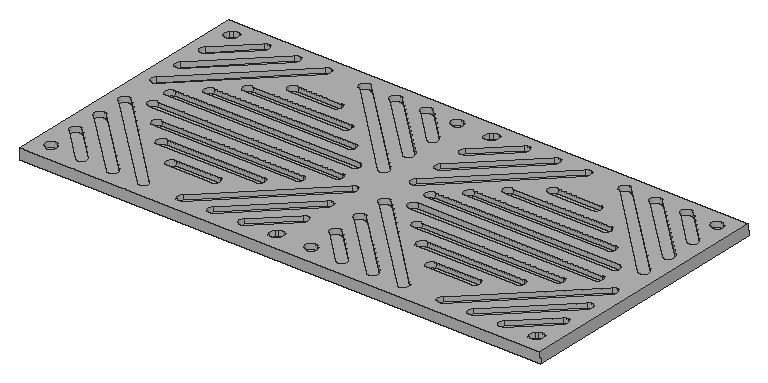
Revit family "dBA - 1 inch - Ceiling and Wall Panels 24x48", category Specialty Equipment, Revit 2023
Family settings
  Round Connector Dimension = Use Diameter
  Part Type = Normal
  OmniClass Number = 23.35.00.00
  OmniClass Title = Covering, Cladding, and Finishes
  Work Plane-Based = Yes
  Enable Cutting in Views = Yes
  Always vertical = No
  Cut with Voids When Loaded = No
  Maintain Annotation Orientation = No
  Shared = No
  Room Calculation Point = No
Parameters (values of type "Charcoal")
  URL = "https://www.acousticalsurfaces.com/sound-silencer/dba-ceiling-wall-panel/"
  Type Comments = "dBA Ceiling and Wall Panels"
  Recycled Content Percentage = "0%"
  Model = "Sound Silencer - dBA Ceiling and Wall Panels"
  Material = "Sound Silencer dBA"
  Manufacturer = "Acoustical Surfaces, Inc."
  Fire Rating = "ASTM E84 - Class A"
  Finish = Paint - Acoustical-Surfaces - dBA - Charcoal
  Description = "dBA Ceiling and Wall Panels"
  Default Elevation = 4' - 0"
  Assembly Code = "C30"
  Acoustics - NRC = "Sound absorption varies from NRC 0.45 to 0.95 based on installation method used when tested per ASTM C423."
Types (2): name | Finish
  Charcoal | Paint - Acoustical-Surfaces - dBA - Charcoal
  White | Paint - Acoustical-Surfaces - dBA - White
Reference planes (in)
  plane 1 "Center (Front/Back)": y = 0
  plane 2: z = 0
  plane 3 "Center (Left/Right)": x = 0
  plane 4: x = -24
  plane 5: x = 24
  plane 6: y = 12
  plane 7: y = -12
  plane 8: z = 1
Forms (in)
  Extrusion 1, solid, material "Paint - Acoustical-Surfaces - dBA - Charcoal" <- "Finish"
    sketch origin (-12, 0, 0) x (1, 0, 0) y (0, 1, 0)
      loop
        line (12, 12) -> (-12, 12) -> (-12, -12) -> (12, -12) -> (12, 12)
    from 0 to 0.5625
  Extrusion 2, solid, material "Paint - Acoustical-Surfaces - dBA - Charcoal" <- "Finish"
    sketch origin (-12, 0, 0.5625) x (1, 0, 0) y (0, 1, 0)
      loop
        line (12, 12) -> (-12, 12) -> (-12, -12) -> (12, -12) -> (12, 12)
      loop
        arc (-10.14645, -9.96967) -> (-10.85355, -9.96967) -> (-10.85355, -10.67678) r 0.5
        line (-10.85355, -10.67678) -> (-10.67678, -10.85355)
        arc (-10.67678, -10.85355) -> (-9.96967, -10.85355) -> (-9.96967, -10.14645) r 0.5
        line (-9.96967, -10.14645) -> (-10.14645, -9.96967)
      loop
        arc (-7.84835, -10.85355) -> (-7.14124, -10.85355) -> (-7.14124, -10.14645) r 0.5
        line (-7.14124, -10.14645) -> (-10.14645, -7.14124)
        arc (-10.14645, -7.14124) -> (-10.85355, -7.14124) -> (-10.85355, -7.84835) r 0.5
        line (-10.85355, -7.84835) -> (-7.84835, -10.85355)
      loop
        arc (-5.01992, -10.85355) -> (-4.31282, -10.85355) -> (-4.31282, -10.14645) r 0.5
        line (-4.31282, -10.14645) -> (-10.14645, -4.31282)
        arc (-10.14645, -4.31282) -> (-10.85355, -4.31282) -> (-10.85355, -5.01992) r 0.5
        line (-10.85355, -5.01992) -> (-5.01992, -10.85355)
      loop
        arc (-2.1915, -10.85355) -> (-1.48439, -10.85355) -> (-1.48439, -10.14645) r 0.5
        line (-1.48439, -10.14645) -> (-10.14645, -1.48439)
        arc (-10.14645, -1.48439) -> (-10.85355, -1.48439) -> (-10.85355, -2.1915) r 0.5
        line (-10.85355, -2.1915) -> (-2.1915, -10.85355)
      loop
        arc (2, -7.5) -> (2.5, -7) -> (2, -6.5) r 0.5
        line (2, -6.5) -> (-2, -6.5)
        arc (-2, -6.5) -> (-2.5, -7) -> (-2, -7.5) r 0.5
        line (-2, -7.5) -> (2, -7.5)
      loop
        arc (4.5, -5.5) -> (5, -5) -> (4.5, -4.5) r 0.5
        line (4.5, -4.5) -> (-4.5, -4.5)
        arc (-4.5, -4.5) -> (-5, -5) -> (-4.5, -5.5) r 0.5
        line (-4.5, -5.5) -> (4.5, -5.5)
      loop
        arc (6.5, -3.5) -> (7, -3) -> (6.5, -2.5) r 0.5
        line (6.5, -2.5) -> (-6.5, -2.5)
        arc (-6.5, -2.5) -> (-7, -3) -> (-6.5, -3.5) r 0.5
        line (-6.5, -3.5) -> (6.5, -3.5)
      loop
        arc (8.5, -1.5) -> (9, -1) -> (8.5, -0.5) r 0.5
        line (8.5, -0.5) -> (-8.5, -0.5)
        arc (-8.5, -0.5) -> (-9, -1) -> (-8.5, -1.5) r 0.5
        line (-8.5, -1.5) -> (8.5, -1.5)
      loop
        arc (8.5, 0.5) -> (9, 1) -> (8.5, 1.5) r 0.5
        line (8.5, 1.5) -> (-8.5, 1.5)
        arc (-8.5, 1.5) -> (-9, 1) -> (-8.5, 0.5) r 0.5
        line (-8.5, 0.5) -> (8.5, 0.5)
      loop
        arc (6.5, 2.5) -> (7, 3) -> (6.5, 3.5) r 0.5
        line (6.5, 3.5) -> (-6.5, 3.5)
        arc (-6.5, 3.5) -> (-7, 3) -> (-6.5, 2.5) r 0.5
        line (-6.5, 2.5) -> (6.5, 2.5)
      loop
        arc (4.5, 4.5) -> (5, 5) -> (4.5, 5.5) r 0.5
        line (4.5, 5.5) -> (-4.5, 5.5)
        arc (-4.5, 5.5) -> (-5, 5) -> (-4.5, 4.5) r 0.5
        line (-4.5, 4.5) -> (4.5, 4.5)
      loop
        line (-2, 6.5) -> (2, 6.5)
        arc (2, 6.5) -> (2.5, 7) -> (2, 7.5) r 0.5
        line (2, 7.5) -> (-2, 7.5)
        arc (-2, 7.5) -> (-2.5, 7) -> (-2, 6.5) r 0.5
      loop
        arc (-1.48439, 10.14645) -> (-1.48439, 10.85355) -> (-2.1915, 10.85355) r 0.5
        line (-2.1915, 10.85355) -> (-10.85355, 2.1915)
        arc (-10.85355, 2.1915) -> (-10.85355, 1.48439) -> (-10.14645, 1.48439) r 0.5
        line (-10.14645, 1.48439) -> (-1.48439, 10.14645)
      loop
        arc (-4.31282, 10.14645) -> (-4.31282, 10.85355) -> (-5.01992, 10.85355) r 0.5
        line (-5.01992, 10.85355) -> (-10.85355, 5.01992)
        arc (-10.85355, 5.01992) -> (-10.85355, 4.31282) -> (-10.14645, 4.31282) r 0.5
        line (-10.14645, 4.31282) -> (-4.31282, 10.14645)
      loop
        arc (-7.14124, 10.14645) -> (-7.14124, 10.85355) -> (-7.84835, 10.85355) r 0.5
        line (-7.84835, 10.85355) -> (-10.85355, 7.84835)
        arc (-10.85355, 7.84835) -> (-10.85355, 7.14124) -> (-10.14645, 7.14124) r 0.5
        line (-10.14645, 7.14124) -> (-7.14124, 10.14645)
      loop
        line (-10.14645, 9.96967) -> (-9.96967, 10.14645)
        arc (-9.96967, 10.14645) -> (-9.96967, 10.85355) -> (-10.67678, 10.85355) r 0.5
        line (-10.67678, 10.85355) -> (-10.85355, 10.67678)
        arc (-10.85355, 10.67678) -> (-10.85355, 9.96967) -> (-10.14645, 9.96967) r 0.5
      loop
        arc (10.14645, 1.48439) -> (10.85355, 1.48439) -> (10.85355, 2.1915) r 0.5
        line (10.85355, 2.1915) -> (2.1915, 10.85355)
        arc (2.1915, 10.85355) -> (1.48439, 10.85355) -> (1.48439, 10.14645) r 0.5
        line (1.48439, 10.14645) -> (10.14645, 1.48439)
      loop
        arc (10.14645, 4.31282) -> (10.85355, 4.31282) -> (10.85355, 5.01992) r 0.5
        line (10.85355, 5.01992) -> (5.01992, 10.85355)
        arc (5.01992, 10.85355) -> (4.31282, 10.85355) -> (4.31282, 10.14645) r 0.5
        line (4.31282, 10.14645) -> (10.14645, 4.31282)
      loop
        arc (10.14645, 7.14124) -> (10.85355, 7.14124) -> (10.85355, 7.84835) r 0.5
        line (10.85355, 7.84835) -> (7.84835, 10.85355)
        arc (7.84835, 10.85355) -> (7.14124, 10.85355) -> (7.14124, 10.14645) r 0.5
        line (7.14124, 10.14645) -> (10.14645, 7.14124)
      loop
        arc (10.14645, 9.96967) -> (10.85355, 9.96967) -> (10.85355, 10.67678) r 0.5
        line (10.85355, 10.67678) -> (10.67678, 10.85355)
        arc (10.67678, 10.85355) -> (9.96967, 10.85355) -> (9.96967, 10.14645) r 0.5
        line (9.96967, 10.14645) -> (10.14645, 9.96967)
      loop
        arc (1.48439, -10.14645) -> (1.48439, -10.85355) -> (2.1915, -10.85355) r 0.5
        line (2.1915, -10.85355) -> (10.85355, -2.1915)
        arc (10.85355, -2.1915) -> (10.85355, -1.48439) -> (10.14645, -1.48439) r 0.5
        line (10.14645, -1.48439) -> (1.48439, -10.14645)
      loop
        arc (4.31282, -10.14645) -> (4.31282, -10.85355) -> (5.01992, -10.85355) r 0.5
        line (5.01992, -10.85355) -> (10.85355, -5.01992)
        arc (10.85355, -5.01992) -> (10.85355, -4.31282) -> (10.14645, -4.31282) r 0.5
        line (10.14645, -4.31282) -> (4.31282, -10.14645)
      loop
        arc (7.14124, -10.14645) -> (7.14124, -10.85355) -> (7.84835, -10.85355) r 0.5
        line (7.84835, -10.85355) -> (10.85355, -7.84835)
        arc (10.85355, -7.84835) -> (10.85355, -7.14124) -> (10.14645, -7.14124) r 0.5
        line (10.14645, -7.14124) -> (7.14124, -10.14645)
      loop
        arc (9.96967, -10.14645) -> (9.96967, -10.85355) -> (10.67678, -10.85355) r 0.5
        line (10.67678, -10.85355) -> (10.85355, -10.67678)
        arc (10.85355, -10.67678) -> (10.85355, -9.96967) -> (10.14645, -9.96967) r 0.5
        line (10.14645, -9.96967) -> (9.96967, -10.14645)
    from 0 to 0.4375
  Extrusion 3, solid, material "Paint - Acoustical-Surfaces - dBA - Charcoal" <- "Finish"
    sketch origin (12, 0, 0) x (1, 0, 0) y (0, 1, 0)
      loop
        line (12, 12) -> (-12, 12) -> (-12, -12) -> (12, -12) -> (12, 12)
    from 0 to 0.5625
  Extrusion 4, solid, material "Paint - Acoustical-Surfaces - dBA - Charcoal" <- "Finish"
    sketch origin (12, 0, 0.5625) x (1, 0, 0) y (0, 1, 0)
      loop
        line (12, 12) -> (-12, 12) -> (-12, -12) -> (12, -12) -> (12, 12)
      loop
        arc (-10.14645, -9.96967) -> (-10.85355, -9.96967) -> (-10.85355, -10.67678) r 0.5
        line (-10.85355, -10.67678) -> (-10.67678, -10.85355)
        arc (-10.67678, -10.85355) -> (-9.96967, -10.85355) -> (-9.96967, -10.14645) r 0.5
        line (-9.96967, -10.14645) -> (-10.14645, -9.96967)
      loop
        arc (-7.84835, -10.85355) -> (-7.14124, -10.85355) -> (-7.14124, -10.14645) r 0.5
        line (-7.14124, -10.14645) -> (-10.14645, -7.14124)
        arc (-10.14645, -7.14124) -> (-10.85355, -7.14124) -> (-10.85355, -7.84835) r 0.5
        line (-10.85355, -7.84835) -> (-7.84835, -10.85355)
      loop
        arc (-5.01992, -10.85355) -> (-4.31282, -10.85355) -> (-4.31282, -10.14645) r 0.5
        line (-4.31282, -10.14645) -> (-10.14645, -4.31282)
        arc (-10.14645, -4.31282) -> (-10.85355, -4.31282) -> (-10.85355, -5.01992) r 0.5
        line (-10.85355, -5.01992) -> (-5.01992, -10.85355)
      loop
        arc (-2.1915, -10.85355) -> (-1.48439, -10.85355) -> (-1.48439, -10.14645) r 0.5
        line (-1.48439, -10.14645) -> (-10.14645, -1.48439)
        arc (-10.14645, -1.48439) -> (-10.85355, -1.48439) -> (-10.85355, -2.1915) r 0.5
        line (-10.85355, -2.1915) -> (-2.1915, -10.85355)
      loop
        arc (2, -7.5) -> (2.5, -7) -> (2, -6.5) r 0.5
        line (2, -6.5) -> (-2, -6.5)
        arc (-2, -6.5) -> (-2.5, -7) -> (-2, -7.5) r 0.5
        line (-2, -7.5) -> (2, -7.5)
      loop
        arc (4.5, -5.5) -> (5, -5) -> (4.5, -4.5) r 0.5
        line (4.5, -4.5) -> (-4.5, -4.5)
        arc (-4.5, -4.5) -> (-5, -5) -> (-4.5, -5.5) r 0.5
        line (-4.5, -5.5) -> (4.5, -5.5)
      loop
        arc (6.5, -3.5) -> (7, -3) -> (6.5, -2.5) r 0.5
        line (6.5, -2.5) -> (-6.5, -2.5)
        arc (-6.5, -2.5) -> (-7, -3) -> (-6.5, -3.5) r 0.5
        line (-6.5, -3.5) -> (6.5, -3.5)
      loop
        arc (8.5, -1.5) -> (9, -1) -> (8.5, -0.5) r 0.5
        line (8.5, -0.5) -> (-8.5, -0.5)
        arc (-8.5, -0.5) -> (-9, -1) -> (-8.5, -1.5) r 0.5
        line (-8.5, -1.5) -> (8.5, -1.5)
      loop
        arc (8.5, 0.5) -> (9, 1) -> (8.5, 1.5) r 0.5
        line (8.5, 1.5) -> (-8.5, 1.5)
        arc (-8.5, 1.5) -> (-9, 1) -> (-8.5, 0.5) r 0.5
        line (-8.5, 0.5) -> (8.5, 0.5)
      loop
        arc (6.5, 2.5) -> (7, 3) -> (6.5, 3.5) r 0.5
        line (6.5, 3.5) -> (-6.5, 3.5)
        arc (-6.5, 3.5) -> (-7, 3) -> (-6.5, 2.5) r 0.5
        line (-6.5, 2.5) -> (6.5, 2.5)
      loop
        arc (4.5, 4.5) -> (5, 5) -> (4.5, 5.5) r 0.5
        line (4.5, 5.5) -> (-4.5, 5.5)
        arc (-4.5, 5.5) -> (-5, 5) -> (-4.5, 4.5) r 0.5
        line (-4.5, 4.5) -> (4.5, 4.5)
      loop
        line (-2, 6.5) -> (2, 6.5)
        arc (2, 6.5) -> (2.5, 7) -> (2, 7.5) r 0.5
        line (2, 7.5) -> (-2, 7.5)
        arc (-2, 7.5) -> (-2.5, 7) -> (-2, 6.5) r 0.5
      loop
        arc (-1.48439, 10.14645) -> (-1.48439, 10.85355) -> (-2.1915, 10.85355) r 0.5
        line (-2.1915, 10.85355) -> (-10.85355, 2.1915)
        arc (-10.85355, 2.1915) -> (-10.85355, 1.48439) -> (-10.14645, 1.48439) r 0.5
        line (-10.14645, 1.48439) -> (-1.48439, 10.14645)
      loop
        arc (-4.31282, 10.14645) -> (-4.31282, 10.85355) -> (-5.01992, 10.85355) r 0.5
        line (-5.01992, 10.85355) -> (-10.85355, 5.01992)
        arc (-10.85355, 5.01992) -> (-10.85355, 4.31282) -> (-10.14645, 4.31282) r 0.5
        line (-10.14645, 4.31282) -> (-4.31282, 10.14645)
      loop
        arc (-7.14124, 10.14645) -> (-7.14124, 10.85355) -> (-7.84835, 10.85355) r 0.5
        line (-7.84835, 10.85355) -> (-10.85355, 7.84835)
        arc (-10.85355, 7.84835) -> (-10.85355, 7.14124) -> (-10.14645, 7.14124) r 0.5
        line (-10.14645, 7.14124) -> (-7.14124, 10.14645)
      loop
        line (-10.14645, 9.96967) -> (-9.96967, 10.14645)
        arc (-9.96967, 10.14645) -> (-9.96967, 10.85355) -> (-10.67678, 10.85355) r 0.5
        line (-10.67678, 10.85355) -> (-10.85355, 10.67678)
        arc (-10.85355, 10.67678) -> (-10.85355, 9.96967) -> (-10.14645, 9.96967) r 0.5
      loop
        arc (10.14645, 1.48439) -> (10.85355, 1.48439) -> (10.85355, 2.1915) r 0.5
        line (10.85355, 2.1915) -> (2.1915, 10.85355)
        arc (2.1915, 10.85355) -> (1.48439, 10.85355) -> (1.48439, 10.14645) r 0.5
        line (1.48439, 10.14645) -> (10.14645, 1.48439)
      loop
        arc (10.14645, 4.31282) -> (10.85355, 4.31282) -> (10.85355, 5.01992) r 0.5
        line (10.85355, 5.01992) -> (5.01992, 10.85355)
        arc (5.01992, 10.85355) -> (4.31282, 10.85355) -> (4.31282, 10.14645) r 0.5
        line (4.31282, 10.14645) -> (10.14645, 4.31282)
      loop
        arc (10.14645, 7.14124) -> (10.85355, 7.14124) -> (10.85355, 7.84835) r 0.5
        line (10.85355, 7.84835) -> (7.84835, 10.85355)
        arc (7.84835, 10.85355) -> (7.14124, 10.85355) -> (7.14124, 10.14645) r 0.5
        line (7.14124, 10.14645) -> (10.14645, 7.14124)
      loop
        arc (10.14645, 9.96967) -> (10.85355, 9.96967) -> (10.85355, 10.67678) r 0.5
        line (10.85355, 10.67678) -> (10.67678, 10.85355)
        arc (10.67678, 10.85355) -> (9.96967, 10.85355) -> (9.96967, 10.14645) r 0.5
        line (9.96967, 10.14645) -> (10.14645, 9.96967)
      loop
        arc (1.48439, -10.14645) -> (1.48439, -10.85355) -> (2.1915, -10.85355) r 0.5
        line (2.1915, -10.85355) -> (10.85355, -2.1915)
        arc (10.85355, -2.1915) -> (10.85355, -1.48439) -> (10.14645, -1.48439) r 0.5
        line (10.14645, -1.48439) -> (1.48439, -10.14645)
      loop
        arc (4.31282, -10.14645) -> (4.31282, -10.85355) -> (5.01992, -10.85355) r 0.5
        line (5.01992, -10.85355) -> (10.85355, -5.01992)
        arc (10.85355, -5.01992) -> (10.85355, -4.31282) -> (10.14645, -4.31282) r 0.5
        line (10.14645, -4.31282) -> (4.31282, -10.14645)
      loop
        arc (7.14124, -10.14645) -> (7.14124, -10.85355) -> (7.84835, -10.85355) r 0.5
        line (7.84835, -10.85355) -> (10.85355, -7.84835)
        arc (10.85355, -7.84835) -> (10.85355, -7.14124) -> (10.14645, -7.14124) r 0.5
        line (10.14645, -7.14124) -> (7.14124, -10.14645)
      loop
        arc (9.96967, -10.14645) -> (9.96967, -10.85355) -> (10.67678, -10.85355) r 0.5
        line (10.67678, -10.85355) -> (10.85355, -10.67678)
        arc (10.85355, -10.67678) -> (10.85355, -9.96967) -> (10.14645, -9.96967) r 0.5
        line (10.14645, -9.96967) -> (9.96967, -10.14645)
    from 0 to 0.4375
Cuts and joins
  joined: Extrusion 1, Extrusion 2, Extrusion 3, Extrusion 4
Dimensions and locks (in)
  aligned and locked: level to plane 2
